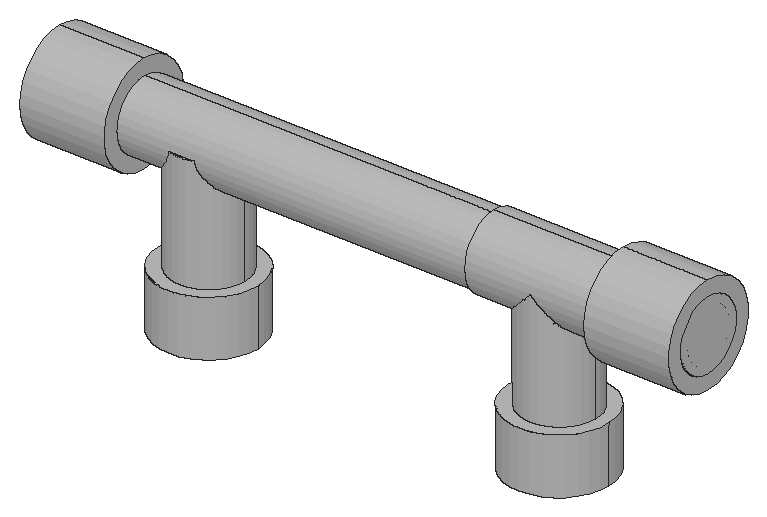
Revit family "Kemper - 6502001500", category Rohrzubehör, Revit 2019
Family settings
  Bemaßung runder Anschluss = Durchmesser verwenden
  Teiletyp = Ventil - Zerlegung in
  OmniClass-Nummer = 23.65.55.14
  OmniClass-Titel = Valves for Liquid Services
  Arbeitsebenenbasiert = Nein
  Immer vertikal = Ja
  Beim Laden mit Abzugskörper schneiden = Nein
  Gemeinsam genutzt = Nein
Parameters (values of type "DN 15")
  valvetype = "Ringleitungsarmatur"  # constant formula
  typedescription = "KEMPER Hygiene System, 650 20, KHS Flow-Splitter set - dynamic"  # constant formula
  type of connection = "Flow-Splitter main pass with female thread, female-thread outlets"  # constant formula
  type = "Sicherungsarmatur"  # constant formula
  sound insulation class = "1"  # constant formula
  productgroup = "KEMPER Hygiene System"  # constant formula
  productclassification = ""  # constant formula
  perm. operating pressure Bar = 16  # constant formula
  perm. operating Temperature °C = 90  # constant formula
  max. differential pressure = 0  # constant formula
  kVs-Value = 0  # constant formula
  design = "pass"  # constant formula
  collision width = 28.499 mm  # constant formula
  collision volume = "185 x 28.4988 x 62.644625"  # constant formula
  collision length = 185 mm  # constant formula
  collision height = 62.645 mm  # constant formula
  _created with version = "0.0.0.0"  # constant formula
  _created by (URL) = "www.dendrit.de"
  _created by = "Dendrit Generation"  # constant formula
  WarrantyStartDate [instance] = ""  # constant formula
  WarrantyGuantorParts = ""  # constant formula
  WarrantyGuantorLabour = ""  # constant formula
  WarrantyDurationUnit = "Years"  # constant formula
  WarrantyDurationParts = ""  # constant formula
  WarrantyDurationLabour = ""  # constant formula
  WarrantyDescription = ""  # constant formula
  URL = ""
  Tmin, Control °C = 0  # constant formula
  Tmax, Control °C = 0  # constant formula
  Surface = ""  # constant formula
  Stlb-Number = ""  # constant formula
  SpareParts = ""  # constant formula
  Size DN = 15  # constant formula
  Size = ""  # constant formula
  Shape = "Valve"  # constant formula
  SerialNumber [instance] = ""  # constant formula
  ReplacementCost = ""  # constant formula
  ReferencedStandard = ""  # constant formula
  ProductionYear = ""  # constant formula
  Modelnumber = "6502001500"  # constant formula
  Model = "650 20, KHS Flow-Splitter set - dynamic"  # constant formula
  Material = "gunmetal"  # constant formula
  Manufacturer = "Kemper"  # constant formula
  InstallationDate [instance] = ""  # constant formula
  Grade = ""  # constant formula
  Generation ID = "Kemper - 6502001500"  # constant formula
  GTIN-Number = ""  # constant formula
  Flow = 0  # constant formula
  Finish = ""  # constant formula
  Features = ""  # constant formula
  ExpectedLife = ""  # constant formula
  DurationUnit = "Years"  # constant formula
  DocumentationTechnical = ""  # constant formula
  DocumentationLiterature = ""  # constant formula
  DocumentationInstallationGuide = ""  # constant formula
  DocumentationCertificates = ""  # constant formula
  Datanorm = "6502001500"  # constant formula
  CreatedOn = "www.dendrit.de"
  CreatedBy = "Dendrit Generation"  # constant formula
  Cost = ""  # constant formula
  Consistuents = ""  # constant formula
  Color = ""  # constant formula
  CodePerformance = ""  # constant formula
  BarCode [instance] = ""  # constant formula
  AssetType = "Fixed"  # constant formula
  AssetIdentifier [instance] = ""  # constant formula
  AccessibilityPerformance = ""  # constant formula
Reference planes
  plane 1 "Mitte (Vorne/Hinten)": y = 0
  plane 2: z = 0
  plane 3 "Mitte (Links/Rechts)": x = 0
Forms (mm)
  Extrusion 1, solid, material "Generation_172172172000"
    sketch origin (-92.5, 0, 0) x (0, 0, -1) y (0, 1, 0)
      loop
        circle (0, 0) r 9.828
    from 0 to 185
  Extrusion 2, solid, material "Generation_172172172000"
    sketch origin (-92.5, 0, 0) x (0, 0, -1) y (0, 1, 0)
      loop
        circle (0, 0) r 14.145
    from 0 to 24.05
  Extrusion 3, solid, material "Generation_172172172000"
    sketch origin (92.5, 0, 0) x (0, 0, -1) y (0, -1, 0)
      loop
        circle (0, 0) r 14.145
    from 0 to 24.05
  Extrusion 4, solid, material "Generation_172172172000"
    sketch origin (31.5, 0, 0) x (0, 0, -1) y (0, 1, 0)
      loop
        circle (0, 0) r 10.478
    from 0 to 46.25
  Extrusion 5, solid, material "Generation_172172172000"
    sketch origin (50, 0, 0) x (0, -1, 0) y (-1, 0, 0)
      loop
        circle (0, 0) r 10.478
    from 0 to 48.5
  Extrusion 6, solid, material "Generation_172172172000"
    sketch origin (-50, 0, 0) x (0, -1, 0) y (-1, 0, 0)
      loop
        circle (0, 0) r 10.478
    from 0 to 48.5
  Extrusion 7, solid, material "Generation_172172172000"
    sketch origin (50, 0, -48.5) x (1, 0, 0) y (0, 1, 0)
      loop
        circle (0, 0) r 14.249
    from 0 to 16.005
  Extrusion 8, solid, material "Generation_172172172000"
    sketch origin (-50, 0, -48.5) x (1, 0, 0) y (0, 1, 0)
      loop
        circle (0, 0) r 14.249
    from 0 to 16.005
  Extrusion 9, solid, material "Generation_Connector"
    sketch origin (-89.452, 0, 0) x (0, 0, -1) y (0, -1, 0)
      loop
        circle (0, 0) r 7.5
    from 0 to 3.048
  Extrusion 10, solid, material "Generation_Connector"
    sketch origin (50, 0, -45.452) x (0, -1, 0) y (-1, 0, 0)
      loop
        circle (0, 0) r 7.5
    from 0 to 3.048
  Extrusion 11, solid, material "Generation_Connector"
    sketch origin (89.452, 0, 0) x (0, 0, -1) y (0, 1, 0)
      loop
        circle (0, 0) r 7.5
    from 0 to 3.048
  Extrusion 12, solid, material "Generation_Connector"
    sketch origin (-50, 0, -45.452) x (0, -1, 0) y (-1, 0, 0)
      loop
        circle (0, 0) r 7.5
    from 0 to 3.048
Dimensions and locks
  aligned and locked: level to plane 2
Connectors
  piping at (-92.5, 0, 0), diameter 15
    settings: on Extrusion 9, index 1, connector inside diameter 609.6 mm, connector length 0 mm, flow factor 0, pipe flow 0.0 L/s, pressure drop 0.0 Pa, fitting loss kfactor 0, connector angle 0.00°, fixture units 0, engagement length 0 mm, angle of deflection 0.00°, flow configuration 0, flow direction 0, fitting loss method 0, system type 29, joint type 0, gender type 0, connector reference index -1, connector utility 0, adjustable connector no, is connector primary yes, connector description ""
  piping at (50, 0, -48.5), diameter 15
    settings: on Extrusion 10, index 2, connector inside diameter 609.6 mm, connector length 0 mm, flow factor 0, pipe flow 0.0 L/s, pressure drop 0.0 Pa, fitting loss kfactor 0, connector angle 0.00°, fixture units 0, engagement length 0 mm, angle of deflection 0.00°, flow configuration 0, flow direction 0, fitting loss method 0, system type 29, joint type 0, gender type 0, connector reference index -1, connector utility 0, adjustable connector no, is connector primary no, connector description ""
  piping at (92.5, 0, 0), diameter 15
    settings: on Extrusion 11, index 3, connector inside diameter 609.6 mm, connector length 0 mm, flow factor 0, pipe flow 0.0 L/s, pressure drop 0.0 Pa, fitting loss kfactor 0, connector angle 0.00°, fixture units 0, engagement length 0 mm, angle of deflection 0.00°, flow configuration 0, flow direction 0, fitting loss method 0, system type 29, joint type 0, gender type 0, connector reference index -1, connector utility 0, adjustable connector no, is connector primary no, connector description ""
  piping at (-50, 0, -48.5), diameter 15
    settings: on Extrusion 12, index 4, connector inside diameter 609.6 mm, connector length 0 mm, flow factor 0, pipe flow 0.0 L/s, pressure drop 0.0 Pa, fitting loss kfactor 0, connector angle 0.00°, fixture units 0, engagement length 0 mm, angle of deflection 0.00°, flow configuration 0, flow direction 0, fitting loss method 0, system type 29, joint type 0, gender type 0, connector reference index -1, connector utility 0, adjustable connector no, is connector primary no, connector description ""
